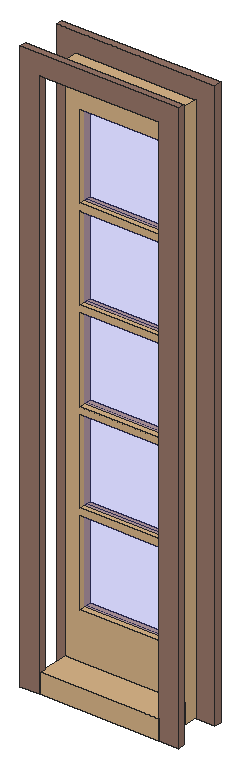
Revit family
Parameters (values of type "0457 x 2134mm")
  문 재료 = 문 - 패널
  프레임 재료 = 문 - 프레임
  Height = 2134.00 mm
  문살 = 25.00 mm
  난간 폭 - 하단 = 254.00 mm
  난간 폭 - 상단 = 127.00 mm
  선틀 폭 = 51.00 mm
  자르기 투영 외부 = 25.00 mm
  자르기 투영 내부 = 25.00 mm
  자르기 폭 = 76.00 mm
  Wall Closure = (empty or 0)
  Width = 457.00 mm
Types (6, lengths in mm): name | Height | Width
  0305 x 2032mm | 2032.00 | 305.00
  0355 x 2083mm | 2083.00 | 355.00
  0355 x 2134mm | 2134.00 | 355.00
  0406 x 2083mm | 2083.00 | 406.00
  0406 x 2134mm | 2134.00 | 406.00
  0457 x 2134mm | 2134.00 | 457.00
Reference planes
  plane 1: y = 0
  plane 2: z = 0
  plane 3: x = 254
  plane 4: x = 25.5
  plane 5: x = 482.5
  plane 6: z = 2134
  plane 7: x = 431.5
  plane 8: x = 76.5
  plane 9: z = 2007
  plane 10: z = 254
  plane 11: z = 1656.4
  plane 12: z = 1631.4
  plane 13: z = 1305.8
  plane 14: z = 1280.8
  plane 15: z = 930.2
  plane 16: z = 955.2
  plane 17: z = 604.6
  plane 18: z = 579.6
  plane 19: z = 1981.6
Forms (mm)
  Extrusion 1, solid, material "문 - 프레임" <- "프레임 재료"
    sketch origin (-3860.8, -76.2, 0) x (1, 0, 0) y (0, 0, 1)
      loop
        line (3886.3, 0) -> (3886.3, 2134) -> (4343.3, 2134) -> (4343.3, 0) -> (4419.3, 0) -> (4419.3, 2210) -> (3810.3, 2210) -> (3810.3, 0) -> (3886.3, 0)
    from 0 to 25
  Extrusion 2, solid, material "문 - 패널" <- "문 재료"
    sketch origin (-3860.8, 101.6, 0) x (-1, 0, 0) y (0, 0, 1)
      loop
        line (-4343.3, 2134) -> (-4343.3, 0) -> (-3886.3, 0) -> (-3886.3, 2134) -> (-4343.3, 2134)
      loop
        line (-4292.3, 1981.6) -> (-4292.3, 1656.4) -> (-3937.3, 1656.4) -> (-3937.3, 1981.6) -> (-4292.3, 1981.6)
      loop
        line (-4292.3, 1631.4) -> (-4292.3, 1305.8) -> (-3937.3, 1305.8) -> (-3937.3, 1631.4) -> (-4292.3, 1631.4)
      loop
        line (-4292.3, 1280.8) -> (-4292.3, 955.2) -> (-3937.3, 955.2) -> (-3937.3, 1280.8) -> (-4292.3, 1280.8)
      loop
        line (-4292.3, 930.2) -> (-4292.3, 604.6) -> (-3937.3, 604.6) -> (-3937.3, 930.2) -> (-4292.3, 930.2)
      loop
        line (-4292.3, 579.6) -> (-4292.3, 254) -> (-3937.3, 254) -> (-3937.3, 579.6) -> (-4292.3, 579.6)
    from -25.4 to -76.2
  Extrusion 3, solid, material "유리"
    sketch origin (-3860.8, 76.2, 0) x (-1, 0, 0) y (0, 0, 1)
      loop
        line (-4292.3, 1981.6) -> (-4292.3, 1656.4) -> (-3937.3, 1656.4) -> (-3937.3, 1981.6) -> (-4292.3, 1981.6)
      loop
        line (-4292.3, 1631.4) -> (-4292.3, 1305.8) -> (-3937.3, 1305.8) -> (-3937.3, 1631.4) -> (-4292.3, 1631.4)
      loop
        line (-4292.3, 1280.8) -> (-4292.3, 955.2) -> (-3937.3, 955.2) -> (-3937.3, 1280.8) -> (-4292.3, 1280.8)
      loop
        line (-4292.3, 930.2) -> (-4292.3, 604.6) -> (-3937.3, 604.6) -> (-3937.3, 930.2) -> (-4292.3, 930.2)
      loop
        line (-4292.3, 579.6) -> (-4292.3, 254) -> (-3937.3, 254) -> (-3937.3, 579.6) -> (-4292.3, 579.6)
    from -19.05 to -31.75
  Extrusion 4, solid, material "문 - 패널" <- "문 재료"
    sketch origin (-3860.8, -101.2, 0) x (1, 0, 0) y (0, 0, 1)
      loop
        line (3886.3, 0) -> (4343.3, 0) -> (4343.3, 76.2) -> (3886.3, 76.2) -> (3886.3, 0)
    from 0 to -126.6
  Extrusion 5, solid, material "문 - 프레임" <- "프레임 재료"
    sketch origin (-1524, 76.2, 0) x (-1, 0, 0) y (0, 0, 1)
      loop
        line (-2006.5, 2134) -> (-2006.5, 76) -> (-1549.5, 76) -> (-1549.5, 2134) -> (-2006.5, 2134)
      loop
        line (-1473.5, 0) -> (-1473.5, 2210) -> (-2082.5, 2210) -> (-2082.5, 0) -> (-1473.5, 0)
    from 0 to 25
Lines and regions (mm)
  Opening 1
    outline origin (-3860.8, -76.2, 0) x (1, 0, 0) y (0, 0, 1)
      loop
        line (3886.3, 0) -> (4343.3, 0) -> (4343.3, 2134) -> (3886.3, 2134) -> (3886.3, 0)
  symbolic lines, style "WindowsFrameMullionProjection"
    curve 1: line (25.5, 76.2, 0) -> (25.5, 25.4, 0)
    curve 2: line (76.5, 25.4, 0) -> (76.5, 76.2, 0)
    curve 3: line (431.5, 76.2, 0) -> (431.5, 25.4, 0)
    curve 4: line (482.5, 25.4, 0) -> (482.5, 76.2, 0)
    curve 5: line (482.5, 25.4, 0) -> (25.5, 25.4, 0)
    curve 6: line (25.5, 76.2, 0) -> (482.5, 76.2, 0)
  symbolic lines, style "WindowsGlassProjection"
    curve 7: line (431.5, 57.15, 0) -> (76.5, 57.15, 0)
    curve 8: line (76.5, 44.45, 0) -> (431.5, 44.45, 0)
Text (mm)
  text "외부" at (-1189.754, 271.083, 0), in view "바닥 선"
  text "외부" at (0, 782.295, 2929.354), in view "오른쪽"
  text "외부" at (0, 857.039, 2946.04), in view "왼쪽"
Dimensions and locks
  equal spacing: plane 4, plane 3, plane 5
  "Width": plane 4 to plane 5
  "Height": plane 2 to plane 6
  "자르기 폭": plane 4 to Extrusion 1 sketch curve
  "자르기 폭": plane 5 to Extrusion 1 sketch curve
  "자르기 폭": plane 6 to Extrusion 1 sketch curve
  equal spacing: plane 10, plane 17, plane 16, plane 13, plane 11, plane 9
  "난간 폭 - 하단": host wall to plane 10
  "난간 폭 - 상단": plane 9 to plane 6
  "문살": plane 12 to plane 11
  "문살": plane 14 to plane 13
  "문살": plane 15 to plane 16
  "문살": plane 18 to plane 17
  locked: plane 19 to plane 9 at 25.4
  "선틀 폭": plane 7 to plane 5
  "선틀 폭": plane 8 to plane 4
  "자르기 투영 내부": Extrusion 1 to host wall
  locked: host wall to Extrusion 2
  "자르기 폭": level to Extrusion 5 sketch curve
  "자르기 투영 외부": Extrusion 5 to host wall
  locked: Extrusion 2 to host wall at 50.8
  locked: host wall to Extrusion 4 at 50.8
  aligned and locked: plane 4 to Opening 1 sketch curve
  aligned and locked: plane 6 to Opening 1 sketch curve  (x2)
  aligned and locked: Opening 1 sketch curve to plane 5
  aligned and locked: Opening 1 sketch curve to level
  aligned and locked: plane 1 to host wall
  aligned and locked: plane 4 to Extrusion 1 sketch curve  (x2)
  aligned and locked: plane 2 to Extrusion 1 sketch curve  (x2)
  aligned and locked: plane 5 to Extrusion 1 sketch curve
  aligned and locked: plane 6 to Extrusion 1 sketch curve  (x2)
  aligned and locked: Extrusion 1 to host wall
  aligned and locked: Extrusion 2 sketch curve to Extrusion 1  (x2)
  aligned and locked: plane 7 to Extrusion 2 sketch curve  (x5)
  aligned and locked: plane 19 to Extrusion 2 sketch curve
  aligned and locked: plane 11 to Extrusion 2 sketch curve
  aligned and locked: plane 8 to Extrusion 2 sketch curve  (x5)
  aligned and locked: plane 12 to Extrusion 2 sketch curve
  aligned and locked: plane 13 to Extrusion 2 sketch curve
  aligned and locked: plane 14 to Extrusion 2 sketch curve
  aligned and locked: plane 16 to Extrusion 2 sketch curve
  aligned and locked: plane 15 to Extrusion 2 sketch curve
  aligned and locked: plane 17 to Extrusion 2 sketch curve
  aligned and locked: plane 18 to Extrusion 2 sketch curve
  aligned and locked: plane 10 to Extrusion 2 sketch curve
  aligned and locked: Extrusion 3 sketch curve to Extrusion 2  (x20)
  aligned and locked: Extrusion 5 sketch curve to Extrusion 2  (x2)
  aligned and locked: Extrusion 5 sketch curve to Extrusion 1  (x3)
  aligned and locked: Extrusion 5 sketch curve to control icon elem
  aligned and locked: Extrusion 1 to Extrusion 5 sketch curve
  aligned and locked: curve 6 to Extrusion 2
  aligned and locked: curve 5 to Extrusion 2
Automatic sketch dimensions
  Extrusion 1 sketch curve to level = 0.00 mm
  Extrusion 4 sketch curve to plane 4 = 0.00 mm
  Extrusion 4 sketch curve to plane 5 = 0.00 mm
  Extrusion 4 sketch curve to level = 0.00 mm
  level to Extrusion 4 sketch curve = 76.20 mm
  Extrusion 2 sketch curve to plane 5 = 0.00 mm
  Extrusion 2 sketch curve to plane 6 = 0.00 mm
  curve 1 to plane 4 = 0.00 mm
  curve 2 to plane 8 = 0.00 mm
  curve 3 to plane 7 = 0.00 mm
  curve 4 to plane 5 = 0.00 mm
  curve 3 to curve 8 = 19.05 mm
  curve 8 to curve 7 = 12.70 mm
